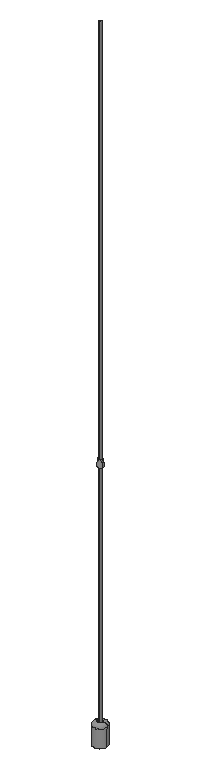
Revit family "Coral 1600", category Lighting Fixtures, host Ceiling, Revit 2017
Family settings
  Host = Ceiling
  Round Connector Dimension = Use Diameter
  Part Type = Normal
  OmniClass Number = 23.80.70.11
  OmniClass Title = Luminaries for Internal Lighting
  Always vertical = Yes
  Cut with Voids When Loaded = No
  Light Source = Yes
  Shared = No
  Room Calculation Point = No
Parameters (values of type "Generic")
  Wattage Comments = "Max. 60 Watts. 110V(US) / 230-240V(EU). Lamp NOT provided."
  Wattage = 6.7321 W
  built-in parameter 1150110 = 1 (stored number, unit not read)
  URL = "https://www.davidtrubridge.com"
  Type Comments = "Ceilig Rose required, contact supplier for options."
  built-in parameter 1114217 = 1 (stored number, unit not read)
  built-in parameter 1150109 = 1 (stored number, unit not read)
  built-in parameter 1150134 = (empty or 0)
  Suspension Top [instance] = Suspension Mid - 800 mm  # 1200 mm
  built-in parameter 1150113 = 1 (stored number, unit not read)
  Model = "Coral 1600"
  Manufacturer = "David Trubridge"
  Lumens = 1000 lm
  built-in parameter 1150115 = 1 (stored number, unit not read)
  built-in parameter 1150105 = 79.577 (stored number, unit not read)
  Suspension Mid [instance] = 2000 mm
  Light Source Symbol Size = 300 mm
  built-in parameter 1150137 = (empty or 0)
  built-in parameter 1150139 = (empty or 0)
  Lamp Wattage = 0 W
  built-in parameter 1150112 = 1 (stored number, unit not read)
  built-in parameter 1150114 = 1 (stored number, unit not read)
  Lamp = "E27 / (E26 USA)"
  built-in parameter 1150132 = 2
  built-in parameter 1150102 = (empty or 0)
  built-in parameter 1150138 = (empty or 0)
  built-in parameter 1150107 = 3000 (stored number, unit not read)
  built-in parameter 1150106 = 0.79577 (stored number, unit not read)
  built-in parameter 1150104 = 13.8 (stored number, unit not read)
  Dimming Lamp Color Temperature Shift = <None>
  Description = "Pendant in bamboo plywood. Can be made in a large range of colours. Lamp is not supplied"
  Cordset Finish = Plastic, Opaque White
  Color Filter = 16777215
  built-in parameter 1114218 = 1 (stored number, unit not read)
  built-in parameter 1150133 = 10 (stored number, unit not read)
  Apparent Load = 0 VA
Reference planes
  plane 1 "Light Source Axis (F/B)": y = 0
  plane 2: z = 0
  plane 3 "Light Source Axis (L/R)": x = 0
  plane 4 "Ceiling": z = 4000
  plane 5 "Light Source Elevation": z = 2000
  plane 6 "Top of pendant": z = 2800
  plane 7 "Light Socket": z = 2050
  plane 8 "Outer edge": x = -800
  plane 9 "Outer Edge": x = 800
  plane 10 "Bottom of Pendant": z = 1200
Forms (mm)
  Revolve 1, solid, material "Plastic, Opaque White" <- "Cordset Finish"
    sketch origin (0, 0, -205) x (1, 0, 0) y (0, 0, 1)
      loop
        line (0, 2317) -> (0, 2255) -> (20, 2255) -> (20, 2307)
        arc (20, 2307) -> (17.071, 2314.071) -> (10, 2317) r 10
        line (10, 2317) -> (0, 2317)
      axis (0, 2255) -> (0, 2317)
    angle from 0 to 360
  Extrusion 2, solid, material "Plastic, Opaque White" <- "Cordset Finish"
    sketch origin (0, 0, 3200) x (0, 1, 0) y (-1, 0, 0)
      loop
        circle (0, 0) r 3
    from -400 to 800
  Extrusion 3, solid, material "Plastic, Opaque White" <- "Cordset Finish"
    sketch origin (0, 0, 3200) x (0, 1, 0) y (-1, 0, 0)
      loop
        circle (0, 0) r 3
    from -1150 to -400
  Revolve 4, solid, material "Plastic, Opaque White" <- "Cordset Finish"
    sketch origin (0, 0, -40) x (1, 0, 0) y (0, 0, 1)
      loop
        line (0, 2860) -> (0, 2840) -> (7.5, 2840) -> (5, 2860) -> (0, 2860)
      axis (0, 2840) -> (0, 2860)
    angle from 0 to 360
Dimensions and locks
  equal spacing: host sketch curve, plane 3 "Light Source Axis (L/R)", host sketch curve
  equal spacing: host sketch curve, plane 1 "Light Source Axis (F/B)", host sketch curve
  host sketch curve to host sketch curve = 4000 mm  (x2)
  host ceiling to plane 4 "Ceiling" = 0 mm
  plane 4 "Ceiling" to level = 4000 mm
  "Suspension Mid": plane 5 "Light Source Elevation" to plane 4 "Ceiling"
  locked: plane 5 "Light Source Elevation" to plane 6 "Top of pendant" at 800
  locked: plane 5 "Light Source Elevation" to plane 7 "Light Socket" at 50
  plane 9 "Outer Edge" to plane 8 "Outer edge" = 1600 mm
  plane 8 "Outer edge" to plane 9 "Outer Edge" = 1600 mm
  locked: plane 10 "Bottom of Pendant" to plane 6 "Top of pendant" at 1600
  aligned and locked: plane 3 "Light Source Axis (L/R)" to imposter light
  aligned and locked: plane 1 "Light Source Axis (F/B)" to imposter light
  aligned and locked: plane 5 "Light Source Elevation" to imposter light
  aligned and locked: plane 6 "Top of pendant" to Extrusion 2
  aligned and locked: Extrusion 3 to Revolve 1
  aligned and locked: plane 7 "Light Socket" to Extrusion 3
  aligned and locked: level to plane 2
  aligned and locked: Extrusion 3 to plane 6 "Top of pendant"
  aligned and locked: plane 6 "Top of pendant" to import instance
  aligned and locked: Extrusion 2 to plane 4 "Ceiling"
  aligned and locked: plane 4 "Ceiling" to host ceiling
Automatic sketch dimensions
  Revolve 1 sketch curve to plane 3 "Light Source Axis (L/R)" = 0 mm
  plane 3 "Light Source Axis (L/R)" to Revolve 1 sketch curve = 0 mm
  plane 3 "Light Source Axis (L/R)" to Revolve 1 sketch curve = 10 mm
  Revolve 1 sketch curve to Revolve 1 sketch curve = 20 mm
  Revolve 1 sketch curve to plane 5 "Light Source Elevation" = 50 mm
  Revolve 1 sketch curve to Revolve 1 sketch curve = 52 mm
  Revolve 1 sketch curve to level = 563.228 mm
  Revolve 1 sketch curve to plane 4 "Ceiling" = 157.185 mm
  plane 1 "Light Source Axis (F/B)" to Extrusion 2 sketch curve = 0 mm
  Extrusion 2 sketch curve to plane 3 "Light Source Axis (L/R)" = 0 mm
  plane 1 "Light Source Axis (F/B)" to Extrusion 3 sketch curve = 0 mm
  Extrusion 3 sketch curve to plane 3 "Light Source Axis (L/R)" = 0 mm
  Revolve 4 sketch curve to plane 3 "Light Source Axis (L/R)" = 0 mm  (x2)
  Revolve 4 sketch curve to plane 6 "Top of pendant" = 0 mm
  plane 3 "Light Source Axis (L/R)" to Revolve 4 sketch curve = 5 mm
  plane 3 "Light Source Axis (L/R)" to Revolve 4 sketch curve = 7.5 mm
  Revolve 4 sketch curve to plane 6 "Top of pendant" = 20 mm
  Revolve 4 sketch curve to level = 344.8 mm
  plane 4 "Ceiling" to Revolve 4 sketch curve = 40 mm
  radius of Extrusion 2 sketch curve = 3 mm
  radius of Extrusion 3 sketch curve = 3 mm
Connectors
  electrical at (0, 0, 4000)
    settings: index 1, voltage 0 V, apparent load 0 VA, apparent load phase1 0 VA, apparent load phase2 0 VA, apparent load phase3 0 VA, power factor 1, load classification "Other", number of poles 1, system type 30, power factor state 0, is connector primary yes, connector utility no, sub classification motor no, connector description ""
